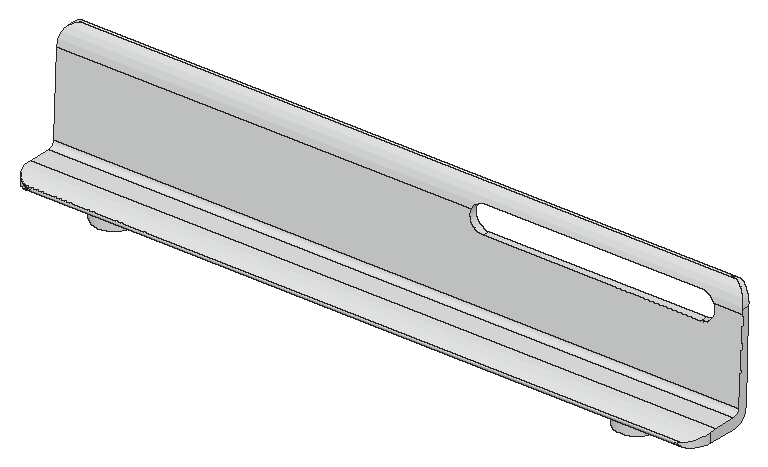
Revit family "Accessory-Shower_Shelf-KOHLER-Choreograph-K-97623", category Specialty Equipment, host Face, Revit 2021
Family settings
  Host = Face
  Round Connector Dimension = Use Diameter
  Part Type = Normal
  OmniClass Number = 23.31.25.00
  Cut with Voids When Loaded = No
  Shared = No
  Room Calculation Point = No
Parameters (values of type "SHP-Bright Polished Silver")
  Width = 20.98425"  # constant formula
  WaterSense Certified = 1 = 0  # no
  URL = "https://www.us.kohler.com/us/"
  Type = 1
  Product Page URL = "http://www.us.kohler.com/us/catalog/productDetails.jsp?productNumber=97623"
  Product Name = "Choreograph"  # constant formula
  Product Documentation Link = "https://www.us.kohler.com/webassets/kpna/catalog/pdf/en/K-97623_spec_US-CA_Kohler_en.pdf"
  Model = if(Type = 1, "K-97623-SHP", if(Type = 2, "K-97623-BNK", if(Type = 3, "K-97623-ABZ", if(Type = 4, "K-97623-BL", if(Type = 5, "K-97623-2MB", "NA")))))  # "K-97623-SHP"
  Material = "Anodized Aluminium"  # constant formula
  Master Format 2014 Name = "Toilet, Bath, and Laundry Accessories"  # constant formula
  Master Format 2014 = "10 28 00"  # constant formula
  Manufacturer Address = "444 Highland Dr, Kohler, WI 53044"  # constant formula
  Manufacturer = "Kohler Co."  # constant formula
  Length = 4.15748"  # constant formula
  Height = 2.22441"  # constant formula
  Finish = Kohler-Metal-SHP-Bright_Polished_Silver
  Environmental Product Declaration = ""
  Description = "21 Inch Floating Shower Shelf"  # constant formula
  Default Elevation = 42"
  Declare Label = ""
  Date Modified = "09/16/2024"  # constant formula
  Date Created = "09/17/2021"  # constant formula
  Copyright = "Copyright Kohler Co."  # constant formula
  Contact Us = "https://www.us.kohler.com/us/static/contact.jsp"
  Assembly Code = "C1030200"
  ADA Compliant = 1 = 0  # no
Types (6): name | Type | Model | Finish
  (no name) | 1 | "K-97623-SHP" | Kohler-Metal-SHP-Bright_Polished_Silver
  SHP-Bright Polished Silver | 1 | "K-97623-SHP" | Kohler-Metal-SHP-Bright_Polished_Silver
  BNK-Anodized Brushed Nickel | 2 | "K-97623-BNK" | Kohler-Metal-BNK-Anodized_Brushed_Nickel
  ABZ-Anodized Dark Bronze | 3 | "K-97623-ABZ" | Kohler-Metal-ABZ-Anodized_Dark_Bronze
  BL-Matte Black | 4 | "K-97623-BL" | Kohler-Metal-BL-Matte_Black
  2MB-Vibrant Brushed Moderne Brass | 5 | "K-97623-2MB" | Kohler-Metal-2MB-Vibrant_Brushed_Moderne_Brass
Reference planes (in)
  plane 1 "Center (Front/Back)": y = 0
  plane 2: z = 0
  plane 3 "Center (Left/Right)": x = 0
  plane 4: z = 4.15748
  plane 5: y = 2.22441
  plane 6: x = 10.49213
  plane 7: x = -10.49213
  plane 8: z = 0.45276
  plane 9: x = -8
  plane 10: x = 8
Dimensions and locks (in)
  "Length": level to plane 4
  "Height": plane 1 "Center (Front/Back)" to plane 5
  "Width": plane 7 to plane 6
  plane 4 to plane 8 = 3.70472"
  plane 8 to level = 0.45276"
  plane 6 to plane 7 = 20.98425"
  plane 9 to plane 10 = 16"
  aligned and locked: plane 2 to host face
  aligned and locked: level to host face
  aligned and locked: nested 1 to plane 3 "Center (Left/Right)"
  aligned and locked: level to nested 1
Automatic sketch dimensions
  host sketch curve to host sketch curve = 96"  (x2)
Nested families (in)
  nested 1: "K-97623" at (0, 2.44603, 0.45276) x (-1, 0, 0) z (0, 0, 1), type "K-97623"
Definition of nested family "K-97623"
  Parameters
    Material = none
    Default Elevation = 0"
  Reference planes (in)
    plane 1 "Center (Front/Back)": y = 0.22162
    plane 2: z = 0
    plane 3 "Center (Left/Right)": x = 0
    plane 4: x = 10.49213
    plane 5: z = 3.70472
    plane 6: x = -10.49213
    plane 7: y = 2.44603
    plane 8: z = -0.45276
  Forms (in)
    Extrusion 1, solid, material <- "Material", detail levels medium+fine
      sketch origin (0, 2.43575, 0) x (0, -1, 0) y (0, 0, 1)
        loop
          line (0.05247, 0) -> (1.49785, 0)
          arc (1.49785, 0) -> (1.79174, 0.11874) -> (1.92067, 0.40831) r 0.42307
          line (1.92067, 0.40831) -> (2.00992, 2.964)
          arc (2.00992, 2.964) -> (2.06553, 3.29961) -> (2.20512, 3.60984) r 1.31913
          arc (2.20512, 3.60984) -> (2.19006, 3.69184) -> (2.10694, 3.68533) r 0.06225
          arc (2.10694, 3.68533) -> (1.89196, 3.35882) -> (1.80322, 2.97809) r 1.11238
          line (1.80322, 2.97809) -> (1.6722, 0.47813)
          arc (1.6722, 0.47813) -> (1.61388, 0.35162) -> (1.48449, 0.3) r 0.18797
          line (1.48449, 0.3) -> (0.78676, 0.3)
          arc (0.78676, 0.3) -> (0.39505, 0.25463) -> (0.02408, 0.12092) r 1.71359
          arc (0.02408, 0.12092) -> (-0.00963, 0.04921) -> (0.05247, 0) r 0.06379
      from -10.49213 to 10.49213
    Extrusion 2, void
      sketch origin (0, 2.43575, -0.01325) x (-1, 0, 0) y (0, 0, 1)
        loop
          arc (-10.49213, 3.12293) -> (-10.31783, 3.54372) -> (-9.89704, 3.71801) r 0.59508
          line (-9.89704, 3.71801) -> (-10.64704, 3.71801) -> (-10.64704, 3.12293) -> (-10.49213, 3.12293)
        loop
          line (10.49213, 3.12293) -> (10.69935, 3.12293) -> (10.69935, 3.71801) -> (9.89704, 3.71801)
          arc (9.89704, 3.71801) -> (10.31783, 3.54372) -> (10.49213, 3.12293) r 0.59508
      from -2.50197 to -1.5671
    Extrusion 3, void
      sketch origin (0, 2.65315, 0) x (-1, 0, 0) y (0, -1, 0)
        loop
          arc (-9.87886, 0.20565) -> (-10.31251, 0.38527) -> (-10.49213, 0.81891) r 0.61326
          line (-10.49213, 0.81891) -> (-10.99213, 0.81891) -> (-10.99213, -0.18109) -> (-9.87886, -0.18109) -> (-9.87886, 0.20565)
        loop
          line (9.87886, 0.20565) -> (9.87886, -0.18109) -> (11.05569, -0.18109) -> (11.05569, 0.81891) -> (10.49213, 0.81891)
          arc (10.49213, 0.81891) -> (10.31251, 0.38527) -> (9.87886, 0.20565) r 0.61326
      from -0.1425 to 0.39189
    Extrusion 4, solid, material <- "Material", detail levels coarse
      sketch origin (0, 0, 0) x (0, 1, 0) y (0, 0, 1)
        loop
          line (2.44603, 0) -> (2.44603, 0.30052) -> (0.7661, 0.30052) -> (0.6193, 3.70472) -> (0.35786, 3.70472) -> (0.51762, 0) -> (2.44603, 0)
      from -10.49213 to 10.49213
    Extrusion 5, void
      sketch origin (0, 0.22162, 0.31894) x (1, 0, 0) y (0, 0, 1)
        loop
          arc (-9.25436, 2.91737) -> (-9.66775, 2.50398) -> (-9.25436, 2.0906) r 0.41339
          line (-9.25436, 2.0906) -> (-2.57865, 2.0906)
          arc (-2.57865, 2.0906) -> (-2.16527, 2.50398) -> (-2.57865, 2.91737) r 0.41339
          line (-2.57865, 2.91737) -> (-9.25436, 2.91737)
      from -2.3053 to 0.47738
    Extrusion 6, solid, material <- "Material"
      sketch origin (0, 0, 0) x (1, 0, 0) y (0, 1, 0)
        loop
          circle (8, 1.56283) r 0.625
        loop
          circle (-8, 1.56283) r 0.625
      from -0.45276 to 0
  Cuts and joins
    Extrusion 2, Extrusion 3, Extrusion 5 cuts Extrusion 1
  Lines and regions (in)
    Masking region 1
      outline origin (0, 0, 0) x (0, 1, 0) y (0, 0, 1)
        loop
          arc (0.63268, 2.97816) -> (0.62459, 3.06582) -> (0.60961, 3.15256) r 1.11238
          spline (0.60961, 3.15256) -> (0.59544, 3.21105) -> (0.57846, 3.26766) -> (0.55882, 3.32239) -> (0.53682, 3.37498) -> (0.51291, 3.42497) -> (0.48749, 3.472) -> (0.46097, 3.51594) -> (0.43383, 3.55667) -> (0.40656, 3.59401) -> (0.37973, 3.62782) -> (0.35387, 3.65801) -> (0.32925, 3.68484)
          arc (0.32925, 3.68484) -> (0.24598, 3.69204) -> (0.23059, 3.60989) r 0.06225
          arc (0.23059, 3.60989) -> (0.32675, 3.41875) -> (0.3893, 3.21413) r 1.26394
          arc (0.3893, 3.21413) -> (0.41444, 3.08197) -> (0.42598, 2.94792) r 1.31913
          line (0.42598, 2.94792) -> (0.51467, 0.40831)
          arc (0.51467, 0.40831) -> (0.64359, 0.11874) -> (0.93748, 0) r 0.42307
          line (0.93748, 0) -> (0.93748, -0.45276) -> (2.18783, -0.45276) -> (2.18783, 0) -> (2.38224, 0)
          arc (2.38224, 0) -> (2.44453, 0.05002) -> (2.40914, 0.12164) r 0.06379
          spline (2.40914, 0.12164) -> (2.38225, 0.13788) -> (2.35191, 0.15388) -> (2.31829, 0.16955) -> (2.28163, 0.18478) -> (2.24215, 0.19947) -> (2.20011, 0.21353) -> (2.15579, 0.22686) -> (2.10946, 0.23939) -> (2.06143, 0.25103) -> (2.012, 0.26171) -> (1.9615, 0.27135) -> (1.91023, 0.27981)
          arc (1.91023, 0.27981) -> (1.77948, 0.29494) -> (1.64795, 0.3) r 1.71359
          line (1.64795, 0.3) -> (0.95141, 0.3)
          arc (0.95141, 0.3) -> (0.82202, 0.35162) -> (0.7637, 0.47813) r 0.18797
          line (0.7637, 0.47813) -> (0.63268, 2.97816)
    Masking region 2
      outline origin (0, 0, 0) x (1, 0, 0) y (0, 1, 0)
        loop
          line (-10.49213, 1.83354) -> (-10.49213, 0.40151)
          spline (-10.49213, 0.40151) -> (-10.48914, 0.3906) -> (-10.48326, 0.37889) -> (-10.47451, 0.36641) -> (-10.46293, 0.35323) -> (-10.44858, 0.33942) -> (-10.43152, 0.32504) -> (-10.41183, 0.31015) -> (-10.38961, 0.29483) -> (-10.36496, 0.27915) -> (-10.33801, 0.26319) -> (-10.30887, 0.24702) -> (-10.27768, 0.23071)
          arc (-10.27768, 0.23071) -> (-10.25701, 0.22392) -> (-10.23538, 0.22162) r 0.10298
          line (-10.23538, 0.22162) -> (-3.50654, 0.22162) -> (10.23005, 0.22162)
          arc (10.23005, 0.22162) -> (10.2543, 0.22391) -> (10.2777, 0.2307) r 0.12958
          spline (10.2777, 0.2307) -> (10.30853, 0.24898) -> (10.33739, 0.26683) -> (10.36413, 0.28414) -> (10.38863, 0.30084) -> (10.41077, 0.31685) -> (10.43044, 0.33208) -> (10.44754, 0.34647) -> (10.46199, 0.35994) -> (10.47373, 0.37242) -> (10.48269, 0.38387) -> (10.48883, 0.39422) -> (10.49213, 0.40342)
          line (10.49213, 0.40342) -> (10.49213, 1.83354)
          arc (10.49213, 1.83354) -> (10.32323, 2.25619) -> (9.90956, 2.44603) r 0.61326
          line (9.90956, 2.44603) -> (-9.90956, 2.44603)
          arc (-9.90956, 2.44603) -> (-10.32323, 2.25619) -> (-10.49213, 1.83354) r 0.61326
    Masking region 3
      outline origin (0, 0.22162, 0) x (1, 0, 0) y (0, 0, 1)
        loop
          line (-10.49213, 3.10964) -> (-10.49213, 0) -> (-8.625, 0) -> (-8.625, -0.45276) -> (-7.375, -0.45276) -> (-7.375, 0) -> (7.375, 0) -> (7.375, -0.45276) -> (8.625, -0.45276) -> (8.625, 0) -> (10.49213, 0) -> (10.49213, 3.10964)
          arc (10.49213, 3.10964) -> (10.31783, 3.53043) -> (9.89704, 3.70472) r 0.59508
          line (9.89704, 3.70472) -> (-9.89704, 3.70472)
          arc (-9.89704, 3.70472) -> (-10.31783, 3.53043) -> (-10.49213, 3.10964) r 0.59508
        loop
          arc (-9.25436, 3.23626) -> (-9.66775, 2.82288) -> (-9.25436, 2.40949) r 0.41339
          line (-9.25436, 2.40949) -> (-2.57865, 2.40949)
          arc (-2.57865, 2.40949) -> (-2.16527, 2.82288) -> (-2.57865, 3.23626) r 0.41339
          line (-2.57865, 3.23626) -> (-9.25436, 3.23626)
    symbolic lines, detail levels medium+fine
      curve 1: line (-1.99672, 0.22162, 0) -> (1.99672, 0.22162, 0)
      curve 2: line (-10.49213, 0.61774, 0) -> (-10.16201, 0.33709, 0)
      curve 3: line (-10.16201, 0.33709, 0) -> (10.16201, 0.33709, 0)
      curve 4: line (10.16201, 0.33709, 0) -> (10.49213, 0.61774, 0)
      curve 5: line (-10.49213, 0.7661, 0) -> (10.49213, 0.7661, 0)
      curve 6: line (-9.25436, 0.5881, 0) -> (-9.63695, 0.63247, 0)
      curve 7: line (-2.57865, 0.5881, 0) -> (-9.25436, 0.5881, 0)
      curve 8: spline (-9.63695, 0.63247, 0) -> (-9.65721, 0.6358, 0) -> (-9.66692, 0.63927, 0) -> (-9.66583, 0.64277, 0) -> (-9.65398, 0.64622, 0) -> (-9.63167, 0.64952, 0) -> (-9.59948, 0.65259, 0) -> (-9.55825, 0.65535, 0) -> (-9.50907, 0.65772, 0) -> (-9.45322, 0.65965, 0) -> (-9.39216, 0.66109, 0) -> (-9.32748, 0.66199, 0) -> (-9.26088, 0.66233, 0)
      curve 9: line (-9.26088, 0.66233, 0) -> (-2.57213, 0.66233, 0)
      curve 10: spline (-2.57213, 0.66233, 0) -> (-2.50553, 0.66199, 0) -> (-2.44086, 0.66109, 0) -> (-2.37979, 0.65965, 0) -> (-2.32394, 0.65772, 0) -> (-2.27476, 0.65535, 0) -> (-2.23354, 0.65259, 0) -> (-2.20135, 0.64952, 0) -> (-2.17904, 0.64622, 0) -> (-2.16718, 0.64277, 0) -> (-2.1661, 0.63927, 0) -> (-2.17581, 0.6358, 0) -> (-2.19607, 0.63247, 0)
      curve 11: line (-2.19607, 0.63247, 0) -> (-2.57865, 0.5881, 0)
      curve 12: line (-10.44786, 0.22162, 3.33469) -> (10.44786, 0.22162, 3.33469)
      curve 13: line (10.49213, 0.22162, 0.2513) -> (-10.49213, 0.22162, 0.2513)
      curve 14: line (-10.49213, 1.83354, 0) -> (10.49213, 1.83354, 0)
      curve 15: arc (10.15983, 0.27976, 0) -> (10.14371, 0.30908, 0) -> (10.16201, 0.33709, 0) r 0.03251
      curve 16: arc (10.27655, 0.2334, 0) -> (10.21645, 0.25221, 0) -> (10.15983, 0.27976, 0) r 0.42189
      curve 17: arc (-10.16201, 0.33709, 0) -> (-10.15784, 0.30711, 0) -> (-10.16897, 0.27897, 0) r 0.05947
      curve 18: arc (-10.16897, 0.27897, 0) -> (-10.21692, 0.2404, 0) -> (-10.27768, 0.23071, 0) r 0.11987
      curve 19: line (0, 2.01364, 0.26122) -> (0, 2.01364, 0)
      curve 20: line (0, 0.59472, 3.20961) -> (0, 0.39015, 3.20961)
      curve 21: line (-8.625, 0.22162, 0) -> (-7.375, 0.22162, 0)
      curve 22: line (7.375, 0.22162, 0) -> (8.625, 0.22162, 0)
      curve 23: line (0, 2.18783, 0) -> (0, 0.93748, 0)
  Dimensions and locks (in)
    plane 5 to level = 3.70472"  (x2)
    plane 6 to plane 4 = 20.98425"
    aligned and locked: plane 2 to level
